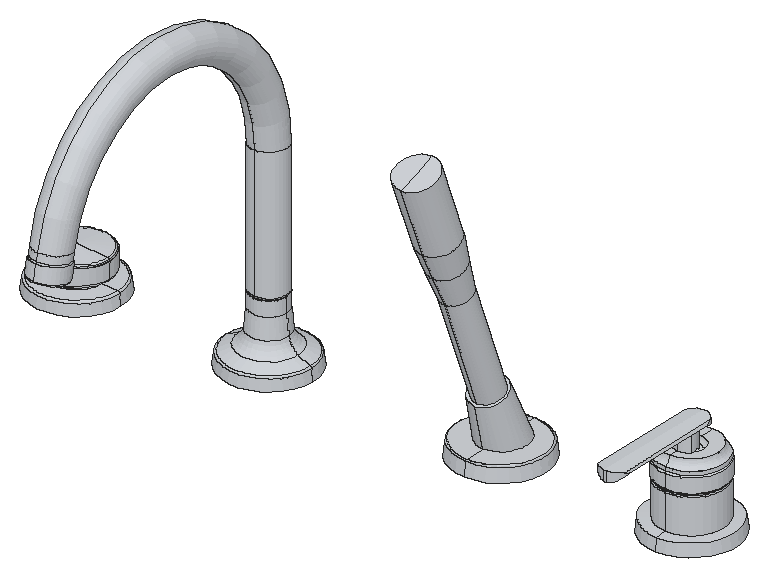
Revit family "Lixil-Grohe-Listra-DM_Tub_FIller_with_HS-106237_0 new", category Plumbing Fixtures, host Face, Revit 2023
Family settings
  Host = Face
  Round Connector Dimension = Use Diameter
  Part Type = Normal
  OmniClass Number = 23.45.55.17
  OmniClass Title = Mixing Faucets
  Enable Cutting in Views = Yes
  Cut with Voids When Loaded = No
  Maintain Annotation Orientation = No
  Shared = No
  Room Calculation Point = No
Parameters (values of type "Listra DM Tub FIller with HS")
  Lever Width = 2 13/16"  # constant formula
  Hand Shower Width = 2 13/16"  # constant formula
  Hand Shower Height = 9 3/8"  # constant formula
  Faucet Width = 2 13/16"  # constant formula
  Faucet Height = 11 7/16"  # constant formula
  Faucet Depth = 8 15/16"  # constant formula
  Diverter Handle Width = 2 13/16"  # constant formula
  Waste Connection = 1 = 0  # no
  Warranty URL = "https://www.grohe.us/support/warranty"
  Version = "2023 - v1.0a"  # constant formula
  Vent Connection = 1 = 0  # no
  URL = "https://www.grohe.us"
  Support Phone = "224-699-9545"  # constant formula
  Support Email = "mailto:support@bimsmith.com"
  Product Page URL = "https://www.grohe.us"
  Product Name = "Listra DM Tub FIller with HS"  # constant formula
  Product Documentation Link = "https://www.grohe.us"
  Model = "106237_0"
  Manufacturer Phone Number = "630-872-5570"  # constant formula
  Manufacturer Email = "https://www.grohe.us"
  Manufacturer Address = "https://www.grohe.us"
  Manufacturer = "LIXIL"  # constant formula
  Keynote = "22 40 00"
  HW Connection = 1 = 1  # yes
  Finish = Metal - Grohe - Chrome
  Description = "Listra DM Tub FIller with HS"  # constant formula
  Default Elevation = 0"  # constant formula
  Copyright = "©LIXIL® | All Rights Reserved"  # constant formula
  Collection = "Listra"  # constant formula
  CW Connection = 1 = 1  # yes
  Brand = "Grohe"  # constant formula
  Assembly Code = "D2010400"
Reference planes (in)
  plane 1 "Center (Front/Back)": y = 0
  plane 2: z = 0
  plane 3 "Center (Left/Right)": x = 0
Dimensions and locks (in)
  aligned and locked: plane 2 to host face
  aligned and locked: level to host face
Nested families (in)
  nested 1: "106237_Nested01" at (0, 0, 0), type "106237_Nested01"
    with Height 9 3/16"
  nested 2: "106237_Nested02" at (-6.1811, 0, 0), type "106237_Nested02"
    with Height 9 3/16"
  nested 3: "106237_Nested03" at (7.48031, 0, 0), type "106237_Nested03"
    with Height 9 3/16"
  nested 4: "106237_Nested04" at (13.62975, 0, 0), type "106237_Nested04"
    with Wrench yes, Height 9 3/16"
Definition of nested family "106237_Nested01"
  Parameters (values of type "106237_Nested01")
    Depth = 3 3/16"  # constant formula
    Width = 7 3/4"  # constant formula
    Waste Connection = 1 = 0  # no
    Warranty URL = "https://www.grohe.us/support/warranty"
    Version = "2023 - v1.0a"  # constant formula
    Vent Connection = 1 = 0  # no
    URL = "https://www.grohe.us"
    Support Phone = "224-699-9545"  # constant formula
    Support Email = "mailto:support@bimsmith.com"
    Product Page URL = "Contact Manufacturer"
    Product Name = "Listra 2-H PBV Trim w/ 3-way Divert"  # constant formula
    Product Documentation Link = "Contact Manufacturer"
    Model = "106235_0"
    Manufacturer Phone Number = "630-872-5570"  # constant formula
    Manufacturer Email = "Contact Manufacturer for More Information"
    Manufacturer Address = "Contact Manufacturer for More Information"
    Manufacturer = "LIXIL"  # constant formula
    Keynote = "22 40 00"
    Height [instance] = 9 3/16"  # constant formula
    HW Connection = 1 = 1  # yes
    Finish = none
    Description = "Listra 2-H PBV Trim w/ 3-way Divert"  # constant formula
    Default Elevation = 0"  # constant formula
    Copyright = "©LIXIL® | All Rights Reserved"  # constant formula
    Collection = "Listra"  # constant formula
    CW Connection = 1 = 1  # yes
    Brand = "Grohe"  # constant formula
    Assembly Code = "D2010400"
  Reference planes (in)
    plane 1 "Center (Front/Back)": y = 0
    plane 2: z = 0
    plane 3 "Center (Left/Right)": x = 0
  Forms (in)
    Extrusion 1, solid
      sketch origin (0, 0, 0) x (1, 0, 0) y (0, 1, 0)
        loop
          line (-48, 48) -> (-48, -48) -> (48, -48) -> (48, 48) -> (-48, 48)
      from 0 to -12
    Revolve 2, solid, material <- "Finish"
      sketch origin (0, 0, 0) x (1, 0, 0) y (0, 0, 1)
        loop
          line (0, 0) -> (1.42854, 0) -> (1.3859, 0.34727)
          arc (1.3859, 0.34727) -> (1.36955, 0.38578) -> (1.33528, 0.40978) r 0.0759
          arc (1.33528, 0.40978) -> (1.13611, 0.49019) -> (0.94637, 0.59087) r 2.06298
          arc (0.94637, 0.59087) -> (0.74477, 0.77759) -> (0.6354, 1.02967) r 0.66797
          arc (0.6354, 1.02967) -> (0.58632, 1.35089) -> (0.5699, 1.67542) r 3.21563
          line (0.5699, 1.67542) -> (0.5699, 2.14049)
          arc (0.5699, 2.14049) -> (0.56262, 2.15807) -> (0.54504, 2.16535) r 0.02486
          line (0.54504, 2.16535) -> (0, 2.16535) -> (0, 0)
        axis (0, 2.16535) -> (0, 0)
      angle from 0 to 360
    Revolve 3, solid, material <- "Finish"
      sketch origin (0, 0, 0) x (0, 1, 0) y (0, 0, 1)
        loop
          line (0, 2.16535) -> (0.54301, 2.16535)
          arc (0.54301, 2.16535) -> (0.56218, 2.1733) -> (0.57012, 2.19247) r 0.02712
          line (0.57012, 2.19247) -> (0.57012, 6.42468) -> (0, 6.42468) -> (0, 2.16535)
        axis (0, 6.42468) -> (0, 2.16535)
      angle from 0 to 360
    Sweep 4, solid, material <- "Finish"
      path origin (0, 0, 0) x (0, 1, 0) y (0, 0, 1)
        loop
          arc (0.57012, 6.42468) -> (-3.96794, 11.36369) -> (-9.29471, 7.28774) r 4.97136
          line (-9.29471, 7.28774) -> (-9.33566, 7.0591)
      profile origin (0, -3.96794, 11.36369) x (0, -0.087156, -0.996195) y (1, 0, 0)
        loop
          circle (0.56543, 0) r 0.56543
    Revolve 5, solid, material <- "Finish"
      sketch origin (0, 0, 0) x (0, 1, 0) y (0, 0, 1)
        loop
          line (-8.77909, 6.95941) -> (-9.27235, 7.04776)
          arc (-9.27235, 7.04776) -> (-9.31814, 7.03369) -> (-9.34286, 6.99267) r 0.06707
          line (-9.34286, 6.99267) -> (-9.37417, 6.99827) -> (-9.4566, 6.53809) -> (-9.42529, 6.53248) -> (-9.43481, 6.47933) -> (-9.347, 6.4636) -> (-9.33748, 6.51675) -> (-8.87327, 6.4336) -> (-8.77909, 6.95941)
        axis (-8.77909, 6.95941) -> (-8.88279, 6.38045)
      angle from 0 to 360
  Dimensions and locks (in)
    aligned and locked: plane 2 to Extrusion 1
    aligned and locked: level to Extrusion 1
Definition of nested family "106237_Nested02"
  Parameters (values of type "Listra 2-H PBV Trim w/ 3-way Divert")
    Depth = 3 3/16"  # constant formula
    Width = 7 3/4"  # constant formula
    Waste Connection = 1 = 0  # no
    Warranty URL = "https://www.grohe.us/support/warranty"
    Version = "2023 - v1.0a"  # constant formula
    Vent Connection = 1 = 0  # no
    URL = "https://www.grohe.us"
    Support Phone = "224-699-9545"  # constant formula
    Support Email = "mailto:support@bimsmith.com"
    Product Page URL = "Contact Manufacturer"
    Product Name = "Listra 2-H PBV Trim w/ 3-way Divert"  # constant formula
    Product Documentation Link = "Contact Manufacturer"
    Model = "106235_0"
    Manufacturer Phone Number = "855-815-0004"  # constant formula
    Manufacturer Email = "Contact Manufacturer for More Information"
    Manufacturer Address = "Contact Manufacturer for More Information"
    Manufacturer = "LIXIL"  # constant formula
    Keynote = "22 40 00"
    Height [instance] = 9 3/16"  # constant formula
    HW Connection = 1 = 1  # yes
    Finish = none
    Description = "Listra 2-H PBV Trim w/ 3-way Divert"  # constant formula
    Default Elevation = 0"  # constant formula
    Copyright = "©LIXIL® | All Rights Reserved"  # constant formula
    Collection = "Listra"  # constant formula
    CW Connection = 1 = 1  # yes
    Brand = "Grohe"  # constant formula
    Assembly Code = "D2010400"
  Reference planes (in)
    plane 1 "Center (Front/Back)": y = 0
    plane 2: z = 0
    plane 3 "Center (Left/Right)": x = 0
  Forms (in)
    Extrusion 1, solid
      sketch origin (0, 0, 0) x (1, 0, 0) y (0, 1, 0)
        loop
          line (-48, 48) -> (-48, 13.18458) -> (48, 13.18458) -> (48, 48) -> (-48, 48)
      from 0 to -12
    Revolve 2, solid, material <- "Finish"
      sketch origin (0, 0, 0) x (1, 0, 0) y (0, 0, 1)
        loop
          line (0, 0) -> (0, 1.33409)
          arc (0, 1.33409) -> (-0.49609, 1.31105) -> (-0.98811, 1.2436) r 5.52907
          arc (-0.98811, 1.2436) -> (-1.01224, 1.22831) -> (-1.02753, 1.20418) r 0.06528
          line (-1.02753, 1.20418) -> (-1.02753, 1.16086) -> (-1.05948, 1.16086) -> (-1.05948, 0.6699) -> (-1.02706, 0.6699) -> (-1.02706, 0.60627) -> (-0.7017, 0.60627) -> (-0.7017, 0.42134) -> (-0.80407, 0.42134) -> (-1.32068, 0.39742)
          arc (-1.32068, 0.39742) -> (-1.36312, 0.38043) -> (-1.38586, 0.34077) r 0.06959
          line (-1.38586, 0.34077) -> (-1.4277, 0) -> (0, 0)
        axis (0, 1.33409) -> (0, 0)
      angle from 0 to 360
  Dimensions and locks (in)
    aligned and locked: plane 2 to Extrusion 1
    aligned and locked: level to Extrusion 1
Definition of nested family "106237_Nested03"
  Parameters (values of type "Listra 2-H PBV Trim w/ 3-way Divert")
    Depth = 3 3/16"  # constant formula
    Width = 7 3/4"  # constant formula
    Waste Connection = 1 = 0  # no
    Warranty URL = "https://www.grohe.us/support/warranty"
    Version = "2023 - v1.0a"  # constant formula
    Vent Connection = 1 = 0  # no
    URL = "https://www.grohe.us"
    Support Phone = "224-699-9545"  # constant formula
    Support Email = "mailto:support@bimsmith.com"
    Product Page URL = "Contact Manufacturer"
    Product Name = "Listra 2-H PBV Trim w/ 3-way Divert"  # constant formula
    Product Documentation Link = "Contact Manufacturer"
    Model = "106235_0"
    Manufacturer Phone Number = "855-815-0004"  # constant formula
    Manufacturer Email = "Contact Manufacturer for More Information"
    Manufacturer Address = "Contact Manufacturer for More Information"
    Manufacturer = "LIXIL"  # constant formula
    Keynote = "22 40 00"
    Height [instance] = 9 3/16"  # constant formula
    HW Connection = 1 = 1  # yes
    Finish = none
    Description = "Listra 2-H PBV Trim w/ 3-way Divert"  # constant formula
    Default Elevation = 0"  # constant formula
    Copyright = "©LIXIL® | All Rights Reserved"  # constant formula
    Collection = "Listra"  # constant formula
    CW Connection = 1 = 1  # yes
    Brand = "Grohe"  # constant formula
    Assembly Code = "D2010400"
  Reference planes (in)
    plane 1 "Center (Front/Back)": y = 0
    plane 2: z = 0
    plane 3 "Center (Left/Right)": x = 0
  Forms (in)
    Extrusion 1, solid
      sketch origin (0, 0, 0) x (1, 0, 0) y (0, 1, 0)
        loop
          line (-48, 48) -> (-48, -30.61258) -> (48, -30.61258) -> (48, 48) -> (-48, 48)
      from 0 to -12
    Revolve 2, solid, material <- "Finish"
      sketch origin (0, 0, 0) x (0, 1, 0) y (0, 0, 1)
        loop
          line (-3.39389, 9.61874) -> (-0.50155, 2.08394) -> (-0.04758, 2.2582) -> (-1.36022, 5.67776)
          arc (-1.36022, 5.67776) -> (-1.52657, 6.17494) -> (-1.64896, 6.68473) r 6.00964
          arc (-1.64896, 6.68473) -> (-1.76134, 7.15279) -> (-1.91408, 7.60928) r 5.51779
          line (-1.91408, 7.60928) -> (-2.77642, 9.85577) -> (-3.39389, 9.61874)
        axis (-3.39389, 9.61874) -> (-0.50155, 2.08394)
      angle from 0 to 360
    Revolve 3, solid, material <- "Finish"
      sketch origin (0, 0, 0) x (0, 1, 0) y (0, 0, 1)
        loop
          line (0, 0) -> (1.45383, 0) -> (1.40068, 0.43282)
          arc (1.40068, 0.43282) -> (1.38931, 0.46027) -> (1.36186, 0.47164) r 0.03883
          line (1.36186, 0.47164) -> (0.64974, 0.47164) -> (0.64974, 0.509) -> (0, 0.509) -> (0, 0)
        axis (0, 0.509) -> (0, 0)
      angle from 0 to 360
    SweptBlend 4, solid, material <- "Finish"
      path origin (0, 0, 0) x (0, 1, 0) y (0, 0, 1)
        loop
          line (-0.50155, 2.08394) -> (0.4391, -0.13211)
      profile origin (0, -0.50155, 2.08394) x (0, 0.920505, 0.390731) y (1, 0, 0)
        loop
          circle (0, 0) r 0.58002
      end profile origin (0, 0.4391, -0.13211) x (0, 0.920505, 0.390731) y (1, 0, 0)
        loop
          circle (-0.15625, 0) r 0.82583
    Extrusion 5, void
      sketch origin (0, 0, 0) x (0, 1, 0) y (0, 0, 1)
        loop
          line (-1.0839, 0.5) -> (-1.0839, -0.67053) -> (1.38093, -0.67053) -> (1.38093, 0.5) -> (-1.0839, 0.5)
      from -2.2427 to 1.2867
  Cuts and joins
    Extrusion 5 cuts SweptBlend 4
  Dimensions and locks (in)
    aligned and locked: plane 2 to Extrusion 1
    aligned and locked: level to Extrusion 1
Definition of nested family "106237_Nested04"
  Parameters (values of type "106237_Nested04")
    Wrench [instance] = yes
    Depth = 3 3/16"  # constant formula
    Width = 7 3/4"  # constant formula
    Waste Connection = 1 = 0  # no
    Warranty URL = "https://www.grohe.us/support/warranty"
    Version = "2023 - v1.0a"  # constant formula
    Vent Connection = 1 = 0  # no
    URL = "https://www.grohe.us"
    Support Phone = "224-699-9545"  # constant formula
    Support Email = "mailto:support@bimsmith.com"
    Product Page URL = "Contact Manufacturer"
    Product Name = "Listra 2-H PBV Trim w/ 3-way Divert"  # constant formula
    Product Documentation Link = "Contact Manufacturer"
    Model = "106235_0"
    Manufacturer Phone Number = "855-815-0004"  # constant formula
    Manufacturer Email = "Contact Manufacturer for More Information"
    Manufacturer Address = "Contact Manufacturer for More Information"
    Manufacturer = "LIXIL"  # constant formula
    Keynote = "22 40 00"
    Height [instance] = 9 3/16"  # constant formula
    HW Connection = 1 = 1  # yes
    Finish = none
    Description = "Listra 2-H PBV Trim w/ 3-way Divert"  # constant formula
    Default Elevation = 0"  # constant formula
    Copyright = "©LIXIL® | All Rights Reserved"  # constant formula
    Collection = "Listra"  # constant formula
    CW Connection = 1 = 1  # yes
    Brand = "Grohe"  # constant formula
    Assembly Code = "D2010400"
  Reference planes (in)
    plane 1 "Center (Front/Back)": y = 0
    plane 2: z = 0
    plane 3 "Center (Left/Right)": x = 0
  Forms (in)
    Extrusion 1, solid
      sketch origin (0, 0, 0) x (1, 0, 0) y (0, 1, 0)
        loop
          line (-48, 48) -> (-48, -30.61258) -> (48, -30.61258) -> (48, 48) -> (-48, 48)
      from 0 to -12
    Revolve 2, solid, material <- "Finish"
      sketch origin (0, 0, 0) x (0, 1, 0) y (0, 0, 1)
        loop
          line (0, 0) -> (1.43078, 0) -> (1.38297, 0.38942) -> (1.0364, 0.41366) -> (1.0364, 1.52158)
          arc (1.0364, 1.52158) -> (1.02381, 1.55198) -> (0.99341, 1.56457) r 0.04299
          arc (0.99341, 1.56457) -> (1.01605, 1.57395) -> (1.02543, 1.59659) r 0.03203
          line (1.02543, 1.59659) -> (1.05487, 1.63295) -> (1.05487, 2.08669) -> (0.99799, 2.15354) -> (1.03535, 2.15354) -> (1.03535, 2.2651)
          arc (1.03535, 2.2651) -> (0.91552, 2.38136) -> (0.86304, 2.53986) r 0.35066
          line (0.86304, 2.53986) -> (0, 2.53986) -> (0, 0)
        axis (0, 2.53986) -> (0, 0)
      angle from 0 to 360
    Sweep 3, solid, material <- "Finish"
      path origin (0, -0.0625, -3.30256) x (0, 1, 0) y (0, 0, 1)
        loop
          line (0.64031, 6.55677) -> (-3.42325, 6.55677)
      profile origin (0, -1.45397, 3.25421) x (0, 0, -1) y (1, 0, 0)
        loop
          line (0.04295, -0.41103) -> (0.12504, -0.44931)
          arc (0.12504, -0.44931) -> (0.27417, -0.24534) -> (0.33456, 0) r 0.6521
          arc (0.33456, 0) -> (0.27417, 0.24534) -> (0.12504, 0.44931) r 0.6521
          line (0.12504, 0.44931) -> (0.04295, 0.41103)
          arc (0.04295, 0.41103) -> (0, 0) -> (0.04295, -0.41103) r 1.98839
    Extrusion 4, void
      sketch origin (0, 0.59344, 3.25283) x (1, 0, 0) y (0, -1, 0)
        loop
          arc (-0.44931, 3.63334) -> (0, 4.08265) -> (0.44931, 3.63334) r 0.44931
          line (0.44931, 3.63334) -> (0.51666, 3.63334) -> (0.51666, 4.18299) -> (-0.51666, 4.18299) -> (-0.51666, 3.63334) -> (-0.44931, 3.63334)
        loop
          line (-0.44931, 0.54963) -> (-0.51666, 0.54963) -> (-0.51666, -0.00002) -> (0.51666, -0.00002) -> (0.51666, 0.54963) -> (0.44931, 0.54963)
          arc (0.44931, 0.54963) -> (0, 0.10032) -> (-0.44931, 0.54963) r 0.44931
      from -0.3501 to 0.39453
    Revolve 5, solid, material <- "Finish"
      sketch origin (0, -0.0625, -3.30256) x (1, 0, 0) y (0, 0, 1)
        loop
          arc (0, 5.99935) -> (-0.50794, 5.78895) -> (-0.71834, 5.281) r 0.71834
          line (-0.71834, 5.281) -> (0, 5.281) -> (0, 5.99935)
        axis (0, 5.281) -> (0, 5.99935)
      angle from 0 to 360
    Extrusion 6, solid, material <- "Finish"
      sketch origin (0, -0.0625, -4.25) x (0, -1, 0) y (1, 0, 0)
        loop
          arc (0.36439, -0.34623) -> (0.4705, -0.18732) -> (0.50824, 0) r 0.49319
          arc (0.50824, 0) -> (0.4705, 0.18732) -> (0.36439, 0.34623) r 0.49319
          arc (0.36439, 0.34623) -> (0.05122, 0.30275) -> (-0.1976, 0.10768) r 0.60702
          arc (-0.1976, 0.10768) -> (-0.23343, 0) -> (-0.1976, -0.10768) r 0.17972
          arc (-0.1976, -0.10768) -> (0.05122, -0.30275) -> (0.36439, -0.34623) r 0.60702
      from 6.68445 to 7.41405
  Cuts and joins
    Extrusion 4 cuts Sweep 3
  Lines and regions (in)
    model lines
      curve 1: line (0, -1.03783, 1.20847) -> (0, 1.03783, 1.20847)
  Dimensions and locks (in)
    aligned and locked: plane 2 to Extrusion 1
    aligned and locked: level to Extrusion 1
